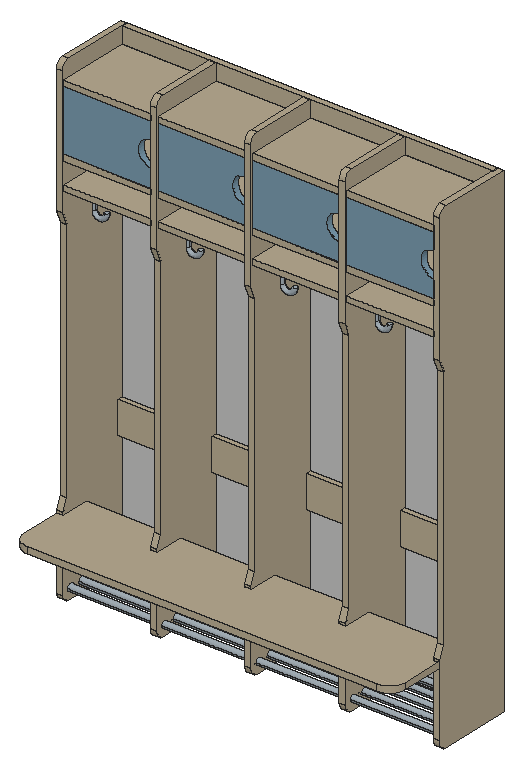
Revit family "Wall Hanged Childrens Coat rack N100 1200", category Casework, host Wall, Revit 2013
Parameters (values of type "Wall hanged childrens coat rack N100 1200")
  Youtube clip = ""
  Width = 1200 mm
  Weight Net (kg) = 0 mm
  Uniclass 2.0 Description = ""
  Uniclass 2.0 Code = ""
  Uniclass 1.4 Description = ""
  Uniclass 1.4 Code = ""
  URL = "http://vaneritarvike.bimobject.com/7503"
  UNSPC code = 56
  UNSPC Category = "Furniture and Furnishings"
  Technical description = ""
  Side Panels Material = koivu
  Rack Top Bottom Panels Material = koivu
  Product identifier = ""
  Product group = "Coat rack"
  Product family = "Kindergarten Furniture"
  Product data url = "http://www.vaneritarvike.fi/index.php?sivu=paivakotikalusteet&r_id=72&kieli=1"
  Product certification = ""
  Product SKU = "7503"
  Name of the object = "Wall hanged childrens coat rack N100 1200"
  NBS Reference Description = ""
  NBS Reference = ""
  Model = "Wall hanged childrens coat rack N100 1200"
  Middle Vertical Panels Material = koivu
  Manufacturer URL = "http://www.vaneritarvike.fi"
  Manufacturer = "Nokian Vaneritarvike Oy"
  Manufacture country = "Finland"
  Installation instructions = ""
  IFC Classification = "Furniture"
  Horizontal Supports Material = koivu
  Horizontal Panel Material = koivu
  Height = 1520 mm
  Edition number = "2"
  EAN code = ""
  Doors Material = F4168
  Design country = "Finland"
  Depth = 430 mm
  Date of publishing = "4/2/2013"
  COBIe Type Category = ""
  Bottom Panel Material = koivu
  Bars Material = F0231
  Back Panel Material = Valkoinen
  BIMobject QR code url = "http://vaneritarvike.bimobject.com/7503"
  BIMobject Category = "Furniture"
Reference planes
  plane 1 "Wall": y = 0
  plane 2 "Center (Left/Right)": x = 125
  plane 3 "Back": y = 75
  plane 4: x = -475
  plane 5: x = 725
  plane 6: y = -505
  plane 7: z = 1520
Text (mm)
  text "Placement Side" at (-1848.837, 1116.779, 0), in view "Ref. Level"
  text "Placement side" at (0, 1409.804, 2854.306), in view "Left"
  text "Placement side" at (0, 499.811, 2980.732), in view "Right"
Dimensions and locks
  locked: plane 3 "Back" to host wall
  "Width": plane 4 to plane 5
  equal spacing: plane 4, plane 2 "Center (Left/Right)", plane 5
  "Depth": plane 6 to host wall
  "Height": plane 7 to level
  aligned and locked: plane 1 "Wall" to host wall
  aligned and locked: plane 2 "Center (Left/Right)" to nested 1
  aligned and locked: host wall to nested 1
Nested families
  nested 1: "FU - 011 - FU - 011-142275" at (125, -75, 0), type "FU - 011 - FU - 011-142275"
Definition of nested family "FU - 011 - FU - 011-142275"
  Parameters (values of type "FU - 011 - FU - 011-142275")
    Width = 1200 mm
    URL = ""
    Model = ""
    Height = 1520 mm
    Depth = 430 mm
    Bars Material = F0231
    Doors Material = F4168
    Rack Top and Bottom Panels Material = koivu
    Bottom Panel Material = koivu
    Back Panel Material = Valkoinen
    Horizontal Panel Material = koivu
    Horizontal Supports Material = koivu
    Middle Vertical Panels Material = koivu
    Side Panels Material = koivu
  Reference planes
    plane 1 "Center (Front/Back)": y = 0
    plane 2: z = 0
    plane 3 "Center (Left/Right)": x = 0
    plane 4: z = 1520
    plane 5: x = -600
    plane 6: x = 600
    plane 7: y = -430
  Forms (mm)
    Extrusion 1, solid, material "koivu" <- "Rack Top and Bottom Panels Material"
      sketch origin (33.619, -208.178, 1191.999) x (1, 0, 0) y (0, 1, 0)
        loop
          line (-614.62, 189.178) -> (-614.62, -40.322) -> (-338.432, -40.322) -> (-338.432, 189.178) -> (-614.62, 189.178)
        loop
          line (-319.432, 189.178) -> (-319.432, -40.322) -> (-43.244, -40.322) -> (-43.244, 189.178) -> (-319.432, 189.178)
        loop
          line (-24.161, 189.178) -> (-24.161, -40.322) -> (252.027, -40.322) -> (252.027, 189.178) -> (-24.161, 189.178)
        loop
          line (271.13, 189.178) -> (271.13, -40.322) -> (547.38, -40.322) -> (547.38, 189.178) -> (271.13, 189.178)
      from 50 to 69.001
    Extrusion 2, solid, material "koivu" <- "Rack Top and Bottom Panels Material"
      sketch origin (24.797, -208.178, 1400.999) x (1, 0, 0) y (0, 1, 0)
        loop
          line (-605.797, 189.178) -> (-605.797, -40.322) -> (-329.61, -40.322) -> (-329.61, 189.178) -> (-605.797, 189.178)
        loop
          line (-310.61, 189.178) -> (-310.61, -40.322) -> (-34.422, -40.322) -> (-34.422, 189.178) -> (-310.61, 189.178)
        loop
          line (-15.339, 189.178) -> (-15.339, -40.322) -> (260.849, -40.322) -> (260.849, 189.178) -> (-15.339, 189.178)
        loop
          line (279.953, 189.178) -> (279.953, -40.322) -> (556.14, -40.322) -> (556.14, 189.178) -> (279.953, 189.178)
      from 50 to 69.001
    Extrusion 3, solid, material "koivu" <- "Side Panels Material"
      sketch origin (-300, -208.182, -100) x (0, 1, 0) y (0, 0, 1)
        loop
          line (208.182, 1620) -> (-16.398, 1620)
          arc (-16.398, 1620) -> (-34.376, 1612.553) -> (-41.822, 1594.575) r 25.425
          line (-41.822, 1594.575) -> (-41.822, 1195.011) -> (-26.822, 1157.011) -> (-26.822, 390.99) -> (-41.822, 354.99) -> (-41.822, 120.781)
          arc (-41.822, 120.781) -> (-33.355, 106.089) -> (-17.529, 100) r 25.4
          line (-17.529, 100) -> (208.182, 100) -> (208.182, 1620)
      from -300 to -281
    Extrusion 4, solid, material "koivu" <- "Middle Vertical Panels Material"
      sketch origin (-4.813, -208.182, -100) x (0, 1, 0) y (0, 0, 1)
        loop
          line (189.182, 1620) -> (-16.893, 1620)
          arc (-16.893, 1620) -> (-34.871, 1612.553) -> (-42.318, 1594.575) r 25.425
          line (-42.318, 1594.575) -> (-42.318, 1195) -> (-27.318, 1157) -> (-27.318, 391) -> (-42.318, 355) -> (-42.318, 125)
          arc (-42.318, 125) -> (-34.996, 107.322) -> (-17.318, 100) r 25
          line (-17.318, 100) -> (189.182, 100) -> (189.182, 1620)
      from -300 to -281
    Extrusion 5, solid, material "Valkoinen" <- "Back Panel Material"
      sketch origin (-300, -208.178, -100) x (1, 0, 0) y (0, 1, 0)
        loop
          line (-281, 208.178) -> (-281, 189.178) -> (881, 189.178) -> (881, 208.178) -> (-281, 208.178)
      from 100 to 1570
    Extrusion 6, solid, material "koivu" <- "Horizontal Panel Material"
      sketch origin (-275.203, -208.178, 1106) x (1, 0, 0) y (0, 1, 0)
        loop
          line (-305.797, 189.178) -> (-305.797, -40.322) -> (-29.61, -40.322) -> (-29.61, 189.178) -> (-305.797, 189.178)
        loop
          line (-10.61, 189.178) -> (-10.61, -40.322) -> (265.578, -40.322) -> (265.578, 189.178) -> (-10.61, 189.178)
        loop
          line (284.661, 189.178) -> (284.661, -40.322) -> (560.849, -40.322) -> (560.849, 189.178) -> (284.661, 189.178)
        loop
          line (579.953, 189.178) -> (579.953, -40.322) -> (856.203, -40.322) -> (856.203, 189.178) -> (579.953, 189.178)
      from 50 to 69.001
    Extrusion 7, solid, material "koivu" <- "Bottom Panel Material"
      sketch origin (-300, -208.178, -120) x (1, 0, 0) y (0, 1, 0)
        loop
          line (-281, 47.178) -> (-281, -41.827) -> (-297, -41.827) -> (-297, -171.822)
          arc (-297, -171.822) -> (-282.355, -207.178) -> (-247, -221.822) r 50
          line (-247, -221.822) -> (847, -221.822)
          arc (847, -221.822) -> (882.355, -207.178) -> (897, -171.822) r 50
          line (897, -171.822) -> (897, -42.369) -> (881, -42.369) -> (881, 47.178) -> (604.75, 47.178) -> (604.75, -42.322) -> (585.75, -42.322) -> (585.75, 47.178) -> (309.459, 47.178) -> (309.459, -42.322) -> (290.459, -42.322) -> (290.459, 47.178) -> (14.188, 47.178) -> (14.188, -42.322) -> (-4.813, -42.322) -> (-4.813, 47.178) -> (-281, 47.178)
      from 350 to 369
    Extrusion 8, solid, material "koivu" <- "Horizontal Supports Material"
      sketch origin (-300, -208.178, -120) x (0, 1, 0) y (0, 0, 1)
        loop
          line (189.178, 600) -> (170.178, 600) -> (170.178, 500) -> (189.178, 500) -> (189.178, 600)
        loop
          line (208.178, 1590) -> (208.178, 1640) -> (189.178, 1640) -> (189.178, 1590) -> (208.178, 1590)
      from -281 to 881
    Extrusion 9, solid, material "F0231" <- "Bars Material"
      sketch origin (-300, -208.178, -119.891) x (0, 1, 0) y (0, 0, 1)
        loop
          circle (164.178, 155.079) r 9.946
      from -281 to 881
    Extrusion 10, solid, material "F0231" <- "Bars Material"
      sketch origin (-300, -253.178, -119.891) x (0, 1, 0) y (0, 0, 1)
        loop
          circle (164.178, 155.079) r 9.946
      from -281 to 881
    Extrusion 11, solid, material "F0231" <- "Bars Material"
      sketch origin (-300, -298.178, -119.891) x (0, 1, 0) y (0, 0, 1)
        loop
          circle (164.178, 155.079) r 9.946
      from -281 to 881
    Extrusion 12, solid, material "F0231" <- "Bars Material"
      sketch origin (-300, -343.184, -119.891) x (0, 1, 0) y (0, 0, 1)
        loop
          circle (164.178, 155.079) r 9.946
      from -281 to 881
    Extrusion 13, solid, material "F0231" <- "Bars Material"
      sketch origin (-300, -388.184, -119.891) x (0, 1, 0) y (0, 0, 1)
        loop
          circle (164.178, 155.079) r 9.946
      from -281 to 881
    Sweep 14, solid, material "F0231" <- "Bars Material"
      path origin (-573, -129, 1200) x (1, 0, 0) y (0, 0, 1)
        loop
          line (-7.027, -84) -> (-7.027, -144)
          arc (-7.027, -144) -> (13.204, -164.232) -> (33.436, -144) r 20.232
      profile origin (-580.028, -129, 1086) x (0, -1, 0) y (1, 0, 0)
        loop
          circle (0, 0) r 7.027
    Sweep 15, solid, material "F0231" <- "Bars Material"
      path origin (-278.313, -129, 1200) x (1, 0, 0) y (0, 0, 1)
        loop
          line (-7.027, -84) -> (-7.027, -144)
          arc (-7.027, -144) -> (13.204, -164.232) -> (33.436, -144) r 20.232
      profile origin (-285.34, -129, 1086) x (0, -1, 0) y (1, 0, 0)
        loop
          circle (0, 0) r 7.027
    Sweep 16, solid, material "F0231" <- "Bars Material"
      path origin (-426.272, -132.288, 1260) x (0.866025, -0.5, 0) y (0, 0, 1)
        loop
          line (-7.027, -84) -> (-7.027, -144)
          arc (-7.027, -144) -> (13.204, -164.232) -> (33.436, -144) r 20.232
      profile origin (-432.358, -128.774, 1146) x (-0.5, -0.866025, 0) y (0.866025, -0.5, 0)
        loop
          circle (0, 0) r 7.027
    Sweep 17, solid, material "F0231" <- "Bars Material"
      path origin (-438.443, -132.288, 1260) x (-0.866025, -0.5, 0) y (0, 0, -1)
        loop
          line (-7.027, 84) -> (-7.027, 144)
          arc (-7.027, 144) -> (13.204, 164.232) -> (33.436, 144) r 20.232
      profile origin (-432.358, -128.774, 1146) x (0.5, -0.866025, 0) y (0.866025, 0.5, 0)
        loop
          circle (0, 0) r 7.027
    Sweep 18, solid, material "F0231" <- "Bars Material"
      path origin (-432.358, -121.816, 1260) x (0, 1, 0) y (0, 0, 1)
        loop
          line (-7.027, -84) -> (-7.027, -144)
          arc (-7.027, -144) -> (13.204, -164.232) -> (33.436, -144) r 20.232
      profile origin (-432.358, -128.843, 1146) x (1, 0, 0) y (0, 1, 0)
        loop
          circle (0, 0) r 7.027
    Sweep 19, solid, material "F0231" <- "Bars Material"
      path origin (-143.316, -132.444, 1260) x (-0.866025, -0.5, 0) y (0, 0, -1)
        loop
          line (-7.027, 84) -> (-7.027, 144)
          arc (-7.027, 144) -> (13.204, 164.232) -> (33.436, 144) r 20.232
      profile origin (-137.23, -128.931, 1146) x (0.5, -0.866025, 0) y (0.866025, 0.5, 0)
        loop
          circle (0, 0) r 7.027
    Sweep 20, solid, material "F0231" <- "Bars Material"
      path origin (-131.144, -132.444, 1260) x (0.866025, -0.5, 0) y (0, 0, 1)
        loop
          line (-7.027, -84) -> (-7.027, -144)
          arc (-7.027, -144) -> (13.204, -164.232) -> (33.436, -144) r 20.232
      profile origin (-137.23, -128.931, 1146) x (-0.5, -0.866025, 0) y (0.866025, -0.5, 0)
        loop
          circle (0, 0) r 7.027
    Sweep 21, solid, material "F0231" <- "Bars Material"
      path origin (-137.23, -121.972, 1260) x (0, 1, 0) y (0, 0, -1)
        loop
          line (-7.027, 84) -> (-7.027, 144)
          arc (-7.027, 144) -> (13.204, 164.232) -> (33.436, 144) r 20.232
      profile origin (-137.23, -129, 1146) x (-1, 0, 0) y (0, -1, 0)
        loop
          circle (0, 0) r 7.027
    Extrusion 22, solid, material "koivu" <- "Middle Vertical Panels Material"
      sketch origin (290.459, -208.182, -100) x (0, 1, 0) y (0, 0, 1)
        loop
          line (189.182, 1620) -> (-16.893, 1620)
          arc (-16.893, 1620) -> (-34.871, 1612.553) -> (-42.318, 1594.575) r 25.425
          line (-42.318, 1594.575) -> (-42.318, 1195) -> (-27.318, 1157) -> (-27.318, 391) -> (-42.318, 355) -> (-42.318, 125)
          arc (-42.318, 125) -> (-34.996, 107.322) -> (-17.318, 100) r 25
          line (-17.318, 100) -> (189.182, 100) -> (189.182, 1620)
      from -300 to -281
    Sweep 23, solid, material "F0231" <- "Bars Material"
      path origin (16.958, -129, 1200) x (1, 0, 0) y (0, 0, 1)
        loop
          line (-7.027, -84) -> (-7.027, -144)
          arc (-7.027, -144) -> (13.204, -164.232) -> (33.436, -144) r 20.232
      profile origin (9.931, -129, 1086) x (0, -1, 0) y (1, 0, 0)
        loop
          circle (0, 0) r 7.027
    Sweep 24, solid, material "F0231" <- "Bars Material"
      path origin (151.955, -132.444, 1260) x (-0.866025, -0.5, 0) y (0, 0, -1)
        loop
          line (-7.027, 84) -> (-7.027, 144)
          arc (-7.027, 144) -> (13.204, 164.232) -> (33.436, 144) r 20.232
      profile origin (158.041, -128.931, 1146) x (0.5, -0.866025, 0) y (0.866025, 0.5, 0)
        loop
          circle (0, 0) r 7.027
    Sweep 25, solid, material "F0231" <- "Bars Material"
      path origin (164.127, -132.444, 1260) x (0.866025, -0.5, 0) y (0, 0, 1)
        loop
          line (-7.027, -84) -> (-7.027, -144)
          arc (-7.027, -144) -> (13.204, -164.232) -> (33.436, -144) r 20.232
      profile origin (158.041, -128.931, 1146) x (-0.5, -0.866025, 0) y (0.866025, -0.5, 0)
        loop
          circle (0, 0) r 7.027
    Sweep 26, solid, material "F0231" <- "Bars Material"
      path origin (158.041, -121.972, 1260) x (0, 1, 0) y (0, 0, -1)
        loop
          line (-7.027, 84) -> (-7.027, 144)
          arc (-7.027, 144) -> (13.204, 164.232) -> (33.436, 144) r 20.232
      profile origin (158.041, -129, 1146) x (-1, 0, 0) y (0, -1, 0)
        loop
          circle (0, 0) r 7.027
    Extrusion 27, solid, material "koivu" <- "Side Panels Material"
      sketch origin (300, -208.182, -100) x (0, 1, 0) y (0, 0, -1)
        loop
          line (208.182, -1620) -> (208.182, -100) -> (-17.529, -100)
          arc (-17.529, -100) -> (-36.83, -109.206) -> (-41.822, -130) r 24.836
          line (-41.822, -130) -> (-41.822, -354.99) -> (-26.822, -390.99) -> (-26.822, -1157.011) -> (-41.822, -1195.011) -> (-41.822, -1594.575)
          arc (-41.822, -1594.575) -> (-34.376, -1612.553) -> (-16.398, -1620) r 25.425
          line (-16.398, -1620) -> (208.182, -1620)
      from -300 to -281
    Extrusion 28, solid, material "koivu" <- "Middle Vertical Panels Material"
      sketch origin (585.75, -208.182, -100) x (0, 1, 0) y (0, 0, 1)
        loop
          line (189.182, 1620) -> (-16.893, 1620)
          arc (-16.893, 1620) -> (-34.871, 1612.553) -> (-42.318, 1594.575) r 25.425
          line (-42.318, 1594.575) -> (-42.318, 1195) -> (-27.318, 1157) -> (-27.318, 391) -> (-42.318, 355) -> (-42.318, 125)
          arc (-42.318, 125) -> (-34.996, 107.322) -> (-17.318, 100) r 25
          line (-17.318, 100) -> (189.182, 100) -> (189.182, 1620)
      from -300 to -281
    Sweep 29, solid, material "F0231" <- "Bars Material"
      path origin (312.25, -129, 1200) x (1, 0, 0) y (0, 0, 1)
        loop
          line (-7.027, -84) -> (-7.027, -144)
          arc (-7.027, -144) -> (13.204, -164.232) -> (33.436, -144) r 20.232
      profile origin (305.222, -129, 1086) x (0, -1, 0) y (1, 0, 0)
        loop
          circle (0, 0) r 7.027
    Sweep 30, solid, material "F0231" <- "Bars Material"
      path origin (447.246, -132.444, 1260) x (-0.866025, -0.5, 0) y (0, 0, -1)
        loop
          line (-7.027, 84) -> (-7.027, 144)
          arc (-7.027, 144) -> (13.204, 164.232) -> (33.436, 144) r 20.232
      profile origin (453.332, -128.931, 1146) x (0.5, -0.866025, 0) y (0.866025, 0.5, 0)
        loop
          circle (0, 0) r 7.027
    Sweep 31, solid, material "F0231" <- "Bars Material"
      path origin (459.418, -132.444, 1260) x (0.866025, -0.5, 0) y (0, 0, 1)
        loop
          line (-7.027, -84) -> (-7.027, -144)
          arc (-7.027, -144) -> (13.204, -164.232) -> (33.436, -144) r 20.232
      profile origin (453.332, -128.931, 1146) x (-0.5, -0.866025, 0) y (0.866025, -0.5, 0)
        loop
          circle (0, 0) r 7.027
    Sweep 32, solid, material "F0231" <- "Bars Material"
      path origin (453.332, -121.972, 1260) x (0, 1, 0) y (0, 0, -1)
        loop
          line (-7.027, 84) -> (-7.027, 144)
          arc (-7.027, 144) -> (13.204, 164.232) -> (33.436, 144) r 20.232
      profile origin (453.332, -129, 1146) x (-1, 0, 0) y (0, -1, 0)
        loop
          circle (0, 0) r 7.027
    Extrusion 33, solid, material "F4168" <- "Doors Material"
      sketch origin (-301.041, -208.178, 0) x (1, 0, 0) y (0, 0, 1)
        loop
          line (-280, 1450.999) -> (-280, 1261) -> (-3.75, 1261) -> (-3.75, 1318.5)
          arc (-3.75, 1318.5) -> (-43.75, 1358.5) -> (-3.75, 1398.5) r 40
          line (-3.75, 1398.5) -> (-3.75, 1450.999) -> (-280, 1450.999)
      from 20.822 to 39.822
    Extrusion 34, solid, material "F4168" <- "Doors Material"
      sketch origin (-5.791, -208.178, 0) x (1, 0, 0) y (0, 0, 1)
        loop
          line (-280, 1450.999) -> (-280, 1261) -> (-3.75, 1261) -> (-3.75, 1318.5)
          arc (-3.75, 1318.5) -> (-43.75, 1358.5) -> (-3.75, 1398.5) r 40
          line (-3.75, 1398.5) -> (-3.75, 1450.999) -> (-280, 1450.999)
      from 20.822 to 39.822
    Extrusion 35, solid, material "F4168" <- "Doors Material"
      sketch origin (289.459, -208.178, 0) x (1, 0, 0) y (0, 0, 1)
        loop
          line (-280, 1450.999) -> (-280, 1261) -> (-3.75, 1261) -> (-3.75, 1318.5)
          arc (-3.75, 1318.5) -> (-43.75, 1358.5) -> (-3.75, 1398.5) r 40
          line (-3.75, 1398.5) -> (-3.75, 1450.999) -> (-280, 1450.999)
      from 20.822 to 39.822
    Extrusion 36, solid, material "F4168" <- "Doors Material"
      sketch origin (584.709, -208.178, 0) x (1, 0, 0) y (0, 0, 1)
        loop
          line (-280, 1450.999) -> (-280, 1261) -> (-3.75, 1261) -> (-3.75, 1318.5)
          arc (-3.75, 1318.5) -> (-43.75, 1358.5) -> (-3.75, 1398.5) r 40
          line (-3.75, 1398.5) -> (-3.75, 1450.999) -> (-280, 1450.999)
      from 20.822 to 39.822
  Lines and regions (mm)
    Masking region 1
      outline origin (-141.177, -208.178, 0) x (1, 0, 0) y (0, 1, 0)
        loop
          line (-458.823, 208.178) -> (-458.823, -41.827) -> (-455.822, -41.827) -> (-455.822, -171.822)
          arc (-455.822, -171.822) -> (-441.178, -207.178) -> (-405.822, -221.822) r 50
          line (-405.822, -221.822) -> (688.177, -221.822)
          arc (688.177, -221.822) -> (723.533, -207.178) -> (738.177, -171.822) r 50
          line (738.177, -171.822) -> (738.177, -41.827) -> (741.177, -41.827) -> (741.177, 208.178) -> (-458.823, 208.178)
    symbolic lines, detail levels medium+fine
      curve 1: line (-581, -250.004, 0) -> (-581, -19, 0)
      curve 2: line (-600, -250.004, 0) -> (-581, -250.004, 0)
      curve 3: line (-581, -19, 0) -> (581, -19, 0)
      curve 13: line (581, -19, 0) -> (581, -250.004, 0)
      curve 14: line (581, -250.004, 0) -> (600, -250.004, 0)
    symbolic lines, detail levels fine
      curve 4: line (-304.813, -19, 0) -> (-304.813, -250.004, 0)
      curve 5: line (-285.813, -250.004, 0) -> (-285.813, -19, 0)
      curve 6: line (-304.813, -250.004, 0) -> (-285.813, -250.004, 0)
      curve 7: line (-9.541, -19, 0) -> (-9.541, -250.004, 0)
      curve 8: line (9.459, -250.004, 0) -> (9.459, -19, 0)
      curve 9: line (-9.541, -250.004, 0) -> (9.459, -250.004, 0)
      curve 10: line (285.75, -19, 0) -> (285.75, -250.004, 0)
      curve 11: line (304.75, -250.004, 0) -> (304.75, -19, 0)
      curve 12: line (285.75, -250.004, 0) -> (304.75, -250.004, 0)
      curve 15: line (-581, -248, 0) -> (-304.813, -248, 0)
      curve 16: line (304.75, -248.5, 0) -> (581, -248.5, 0)
      curve 17: line (9.459, -248.5, 0) -> (285.75, -248.5, 0)
      curve 18: line (-285.813, -248.5, 0) -> (-9.541, -248.5, 0)
  Dimensions and locks
    "Height": plane 4 to plane 2
    "Width": plane 5 to plane 6
    equal spacing: plane 5, plane 3 "Center (Left/Right)", plane 6
    "Depth": plane 7 to plane 1 "Center (Front/Back)"
    aligned and locked: level to plane 2
  Automatic sketch dimensions
    plane 1 "Center (Front/Back)" to curve 1 = 19 mm
    curve 1 to plane 3 "Center (Left/Right)" = 581 mm
    plane 1 "Center (Front/Back)" to curve 1 = 250.004 mm
    curve 1 to curve 4 = 276.187 mm
    curve 4 to curve 6 = 19 mm
    curve 7 to plane 3 "Center (Left/Right)" = 9.541 mm
    plane 3 "Center (Left/Right)" to curve 8 = 9.459 mm
    curve 8 to curve 10 = 276.291 mm
    curve 10 to curve 12 = 19 mm
    curve 11 to curve 13 = 276.25 mm
    curve 2 to curve 1 = 19 mm
    curve 15 to curve 1 = 0 mm
    curve 13 to curve 14 = 19 mm
    curve 14 to curve 3 = 231.004 mm
    curve 12 to curve 11 = 231.004 mm
    curve 4 to curve 4 = 231.004 mm
    curve 9 to curve 8 = 231.004 mm
    curve 5 to curve 18 = 1.504 mm
    curve 10 to curve 17 = 1.504 mm
    curve 13 to curve 16 = 1.504 mm
    curve 4 to curve 15 = 2.004 mm
    plane 1 "Center (Front/Back)" to Masking region 1 sketch curve = 0 mm
    Masking region 1 sketch curve to plane 3 "Center (Left/Right)" = 600 mm
    plane 1 "Center (Front/Back)" to Masking region 1 sketch curve = 430 mm
    Masking region 1 sketch curve to Masking region 1 sketch curve = 3 mm  (x2)
    Masking region 1 sketch curve to Masking region 1 sketch curve = 50 mm  (x2)
    plane 3 "Center (Left/Right)" to Masking region 1 sketch curve = 547 mm
    Masking region 1 sketch curve to Masking region 1 sketch curve = 129.996 mm  (x2)
    Extrusion 3 sketch curve to level = 0 mm
    Extrusion 3 sketch curve to plane 4 = 0 mm
    Extrusion 3 sketch curve to plane 1 "Center (Front/Back)" = 0 mm
    level to Extrusion 3 sketch curve = 20.781 mm
    plane 1 "Center (Front/Back)" to Extrusion 3 sketch curve = 224.58 mm
    Extrusion 3 sketch curve to Extrusion 3 sketch curve = 225.711 mm
    plane 1 "Center (Front/Back)" to Extrusion 3 sketch curve = 235.004 mm
    Extrusion 3 sketch curve to Extrusion 3 sketch curve = 24.294 mm
    Extrusion 3 sketch curve to Extrusion 3 sketch curve = 25.425 mm
    level to Extrusion 3 sketch curve = 25.391 mm
    Extrusion 3 sketch curve to Extrusion 3 sketch curve = 229.599 mm
    Extrusion 3 sketch curve to Extrusion 3 sketch curve = 36 mm
    Extrusion 3 sketch curve to Extrusion 3 sketch curve = 437.565 mm
    Extrusion 3 sketch curve to Extrusion 3 sketch curve = 38 mm
    Extrusion 4 sketch curve to level = 0 mm
    Extrusion 4 sketch curve to plane 4 = 0 mm
    level to Extrusion 4 sketch curve = 25 mm
    plane 1 "Center (Front/Back)" to Extrusion 4 sketch curve = 250.5 mm  (x2)
    level to Extrusion 4 sketch curve = 255 mm
    Extrusion 4 sketch curve to Extrusion 4 sketch curve = 15 mm
    Extrusion 4 sketch curve to Extrusion 4 sketch curve = 25.425 mm
    plane 1 "Center (Front/Back)" to Extrusion 4 sketch curve = 19 mm
    Extrusion 4 sketch curve to Extrusion 4 sketch curve = 36 mm
    Extrusion 4 sketch curve to Extrusion 4 sketch curve = 437.575 mm
    Extrusion 4 sketch curve to Extrusion 4 sketch curve = 38 mm
    plane 1 "Center (Front/Back)" to Extrusion 5 sketch curve = 0 mm
    plane 1 "Center (Front/Back)" to Extrusion 5 sketch curve = 19 mm
    Extrusion 5 sketch curve to plane 3 "Center (Left/Right)" = 581 mm
    plane 3 "Center (Left/Right)" to Extrusion 5 sketch curve = 581 mm
    Extrusion 8 sketch curve to plane 4 = 0 mm
    Extrusion 8 sketch curve to plane 1 "Center (Front/Back)" = 0 mm
    plane 1 "Center (Front/Back)" to Extrusion 8 sketch curve = 19 mm  (x2)
    level to Extrusion 8 sketch curve = 380 mm
    Extrusion 8 sketch curve to Extrusion 8 sketch curve = 19 mm
    Extrusion 8 sketch curve to Extrusion 8 sketch curve = 100 mm
    Extrusion 8 sketch curve to Extrusion 8 sketch curve = 50 mm
    plane 1 "Center (Front/Back)" to Extrusion 9 sketch curve = 44 mm
    level to Extrusion 9 sketch curve = 35.187 mm
    level to Extrusion 10 sketch curve = 35.187 mm
    plane 1 "Center (Front/Back)" to Extrusion 10 sketch curve = 89 mm
    level to Extrusion 11 sketch curve = 35.187 mm
    plane 1 "Center (Front/Back)" to Extrusion 11 sketch curve = 134 mm
    level to Extrusion 12 sketch curve = 35.187 mm
    plane 1 "Center (Front/Back)" to Extrusion 12 sketch curve = 179.007 mm
    level to Extrusion 13 sketch curve = 35.187 mm
    plane 1 "Center (Front/Back)" to Extrusion 13 sketch curve = 224.007 mm
    Sweep 14 sketch curve to plane 3 "Center (Left/Right)" = 580.028 mm
    Sweep 14 sketch curve to plane 4 = 464 mm
    Sweep 14 sketch curve to Sweep 14 sketch curve = 20.232 mm
    Sweep 14 sketch curve to Sweep 14 sketch curve = 60 mm
    Sweep 14 sketch curve to profile plane = 0 mm
    profile plane to Sweep 14 sketch curve = 0 mm
    Sweep 15 sketch curve to plane 3 "Center (Left/Right)" = 285.34 mm
    Sweep 15 sketch curve to plane 4 = 464 mm
    Sweep 15 sketch curve to Sweep 15 sketch curve = 20.232 mm
    Sweep 15 sketch curve to Sweep 15 sketch curve = 60 mm
    Sweep 15 sketch curve to profile plane = 0 mm
    profile plane to Sweep 15 sketch curve = 0 mm
    Sweep 16 sketch curve to plane 4 = 404 mm
    Sweep 16 sketch curve to Sweep 16 sketch curve = 20.232 mm
    Sweep 16 sketch curve to Sweep 16 sketch curve = 60 mm
    Sweep 16 sketch curve to profile plane = 0 mm
    profile plane to Sweep 16 sketch curve = 0 mm
    Sweep 17 sketch curve to plane 4 = 404 mm
    Sweep 17 sketch curve to Sweep 17 sketch curve = 20.232 mm
    Sweep 17 sketch curve to Sweep 17 sketch curve = 60 mm
    profile plane to Sweep 17 sketch curve = 0 mm  (x2)
    plane 1 "Center (Front/Back)" to Sweep 18 sketch curve = 128.843 mm
    Sweep 18 sketch curve to plane 4 = 404 mm
    Sweep 18 sketch curve to Sweep 18 sketch curve = 20.232 mm
    Sweep 18 sketch curve to Sweep 18 sketch curve = 60 mm
    profile plane to Sweep 18 sketch curve = 0 mm
    Sweep 18 sketch curve to profile plane = 0 mm
    Sweep 19 sketch curve to plane 4 = 404 mm
    Sweep 19 sketch curve to Sweep 19 sketch curve = 20.232 mm
    Sweep 19 sketch curve to Sweep 19 sketch curve = 60 mm
    profile plane to Sweep 19 sketch curve = 0 mm  (x2)
    Sweep 20 sketch curve to plane 4 = 404 mm
    Sweep 20 sketch curve to Sweep 20 sketch curve = 20.232 mm
    Sweep 20 sketch curve to Sweep 20 sketch curve = 60 mm
    Sweep 20 sketch curve to profile plane = 0 mm
    profile plane to Sweep 20 sketch curve = 0 mm
    plane 1 "Center (Front/Back)" to Sweep 21 sketch curve = 129 mm
    Sweep 21 sketch curve to plane 4 = 404 mm
    Sweep 21 sketch curve to Sweep 21 sketch curve = 20.232 mm
    Sweep 21 sketch curve to Sweep 21 sketch curve = 60 mm
    Sweep 21 sketch curve to profile plane = 0 mm  (x2)
    Extrusion 22 sketch curve to level = 0 mm
    Extrusion 22 sketch curve to plane 4 = 0 mm
    level to Extrusion 22 sketch curve = 25 mm
    plane 1 "Center (Front/Back)" to Extrusion 22 sketch curve = 250.5 mm  (x2)
    level to Extrusion 22 sketch curve = 255 mm
    Extrusion 22 sketch curve to Extrusion 22 sketch curve = 15 mm
    Extrusion 22 sketch curve to Extrusion 22 sketch curve = 25.425 mm
    plane 1 "Center (Front/Back)" to Extrusion 22 sketch curve = 19 mm
    Extrusion 22 sketch curve to Extrusion 22 sketch curve = 36 mm
    Extrusion 22 sketch curve to Extrusion 22 sketch curve = 437.575 mm
    Extrusion 22 sketch curve to Extrusion 22 sketch curve = 38 mm
    plane 3 "Center (Left/Right)" to Sweep 23 sketch curve = 9.931 mm
    Sweep 23 sketch curve to plane 4 = 464 mm
    Sweep 23 sketch curve to Sweep 23 sketch curve = 20.232 mm
    Sweep 23 sketch curve to Sweep 23 sketch curve = 60 mm
    Sweep 23 sketch curve to profile plane = 0 mm
    profile plane to Sweep 23 sketch curve = 0 mm
    Sweep 24 sketch curve to plane 4 = 404 mm
    Sweep 24 sketch curve to Sweep 24 sketch curve = 20.232 mm
    Sweep 24 sketch curve to Sweep 24 sketch curve = 60 mm
    profile plane to Sweep 24 sketch curve = 0 mm  (x2)
    Sweep 25 sketch curve to plane 4 = 404 mm
    Sweep 25 sketch curve to Sweep 25 sketch curve = 20.232 mm
    Sweep 25 sketch curve to Sweep 25 sketch curve = 60 mm
    Sweep 25 sketch curve to profile plane = 0 mm
    profile plane to Sweep 25 sketch curve = 0 mm
    plane 1 "Center (Front/Back)" to Sweep 26 sketch curve = 129 mm
    Sweep 26 sketch curve to plane 4 = 404 mm
    Sweep 26 sketch curve to Sweep 26 sketch curve = 20.232 mm
    Sweep 26 sketch curve to Sweep 26 sketch curve = 60 mm
    Sweep 26 sketch curve to profile plane = 0 mm  (x2)
    Extrusion 27 sketch curve to level = 0 mm
    Extrusion 27 sketch curve to plane 4 = 0 mm
    Extrusion 27 sketch curve to plane 1 "Center (Front/Back)" = 0 mm
    Extrusion 27 sketch curve to plane 4 = 25.425 mm
    plane 1 "Center (Front/Back)" to Extrusion 27 sketch curve = 224.58 mm
    Extrusion 27 sketch curve to Extrusion 27 sketch curve = 225.711 mm
    Extrusion 27 sketch curve to Extrusion 27 sketch curve = 15 mm
    Extrusion 27 sketch curve to Extrusion 27 sketch curve = 24.294 mm
    Extrusion 27 sketch curve to Extrusion 27 sketch curve = 399.565 mm
    Extrusion 27 sketch curve to Extrusion 27 sketch curve = 38 mm
    level to Extrusion 27 sketch curve = 290.99 mm
    Extrusion 27 sketch curve to Extrusion 27 sketch curve = 36 mm
    level to Extrusion 27 sketch curve = 30 mm
    Extrusion 28 sketch curve to level = 0 mm
    Extrusion 28 sketch curve to plane 4 = 0 mm
    level to Extrusion 28 sketch curve = 25 mm
    plane 1 "Center (Front/Back)" to Extrusion 28 sketch curve = 250.5 mm  (x2)
    level to Extrusion 28 sketch curve = 255 mm
    Extrusion 28 sketch curve to Extrusion 28 sketch curve = 15 mm
    Extrusion 28 sketch curve to Extrusion 28 sketch curve = 25.425 mm
    plane 1 "Center (Front/Back)" to Extrusion 28 sketch curve = 19 mm
    Extrusion 28 sketch curve to Extrusion 28 sketch curve = 36 mm
    Extrusion 28 sketch curve to Extrusion 28 sketch curve = 437.575 mm
    Extrusion 28 sketch curve to Extrusion 28 sketch curve = 38 mm
    plane 3 "Center (Left/Right)" to Sweep 29 sketch curve = 305.222 mm
    Sweep 29 sketch curve to plane 4 = 464 mm
    Sweep 29 sketch curve to Sweep 29 sketch curve = 20.232 mm
    Sweep 29 sketch curve to Sweep 29 sketch curve = 60 mm
    Sweep 29 sketch curve to profile plane = 0 mm
    profile plane to Sweep 29 sketch curve = 0 mm
    Sweep 30 sketch curve to plane 4 = 404 mm
    Sweep 30 sketch curve to Sweep 30 sketch curve = 20.232 mm
    Sweep 30 sketch curve to Sweep 30 sketch curve = 60 mm
    profile plane to Sweep 30 sketch curve = 0 mm  (x2)
    Sweep 31 sketch curve to plane 4 = 404 mm
    Sweep 31 sketch curve to Sweep 31 sketch curve = 20.232 mm
    Sweep 31 sketch curve to Sweep 31 sketch curve = 60 mm
    Sweep 31 sketch curve to profile plane = 0 mm
    profile plane to Sweep 31 sketch curve = 0 mm
    plane 1 "Center (Front/Back)" to Sweep 32 sketch curve = 129 mm
    Sweep 32 sketch curve to plane 4 = 404 mm
    Sweep 32 sketch curve to Sweep 32 sketch curve = 20.232 mm
    Sweep 32 sketch curve to Sweep 32 sketch curve = 60 mm
    Sweep 32 sketch curve to profile plane = 0 mm  (x2)
    Extrusion 33 sketch curve to plane 4 = 259 mm
    Extrusion 33 sketch curve to plane 3 "Center (Left/Right)" = 581.041 mm
    Extrusion 33 sketch curve to plane 4 = 201.5 mm
    Extrusion 33 sketch curve to Extrusion 33 sketch curve = 276.25 mm
    Extrusion 33 sketch curve to Extrusion 33 sketch curve = 80 mm
    Extrusion 33 sketch curve to Extrusion 33 sketch curve = 52.499 mm
    Extrusion 34 sketch curve to plane 3 "Center (Left/Right)" = 285.791 mm
    Extrusion 34 sketch curve to plane 3 "Center (Left/Right)" = 9.541 mm
    Extrusion 34 sketch curve to plane 4 = 259 mm
    Extrusion 34 sketch curve to Extrusion 34 sketch curve = 57.5 mm
    Extrusion 34 sketch curve to Extrusion 34 sketch curve = 80 mm
    Extrusion 34 sketch curve to Extrusion 34 sketch curve = 52.499 mm
    plane 3 "Center (Left/Right)" to Extrusion 35 sketch curve = 9.459 mm
    Extrusion 35 sketch curve to plane 4 = 259 mm
    Extrusion 35 sketch curve to Extrusion 35 sketch curve = 276.25 mm
    Extrusion 35 sketch curve to Extrusion 35 sketch curve = 57.5 mm
    Extrusion 35 sketch curve to Extrusion 35 sketch curve = 80 mm
    Extrusion 35 sketch curve to Extrusion 35 sketch curve = 52.499 mm
    plane 3 "Center (Left/Right)" to Extrusion 36 sketch curve = 304.709 mm
    Extrusion 36 sketch curve to plane 4 = 259 mm
    Extrusion 36 sketch curve to Extrusion 36 sketch curve = 276.25 mm
    Extrusion 36 sketch curve to Extrusion 36 sketch curve = 57.5 mm
    Extrusion 36 sketch curve to Extrusion 36 sketch curve = 80 mm
    Extrusion 36 sketch curve to Extrusion 36 sketch curve = 52.499 mm
    plane 5 to Extrusion 2 sketch curve = 19 mm
    plane 6 to Extrusion 2 sketch curve = 19.063 mm
    plane 7 to Extrusion 2 sketch curve = 181.5 mm  (x2)
    Extrusion 2 sketch curve to Extrusion 2 sketch curve = 276.187 mm  (x2)
    Extrusion 2 sketch curve to Extrusion 2 sketch curve = 19 mm
    Extrusion 2 sketch curve to plane 3 "Center (Left/Right)" = 9.625 mm
    plane 3 "Center (Left/Right)" to Extrusion 2 sketch curve = 9.459 mm
    plane 1 "Center (Front/Back)" to Extrusion 2 sketch curve = 19 mm  (x4)
    Extrusion 2 sketch curve to Extrusion 2 sketch curve = 19.104 mm
    Extrusion 2 sketch curve to Extrusion 2 sketch curve = 0 mm  (x2)
    plane 5 to Extrusion 1 sketch curve = 19 mm
    plane 6 to Extrusion 1 sketch curve = 19 mm
    plane 7 to Extrusion 1 sketch curve = 181.5 mm  (x2)
    Extrusion 1 sketch curve to Extrusion 1 sketch curve = 276.188 mm  (x2)
    Extrusion 1 sketch curve to Extrusion 1 sketch curve = 19 mm
    Extrusion 1 sketch curve to plane 3 "Center (Left/Right)" = 9.625 mm
    plane 3 "Center (Left/Right)" to Extrusion 1 sketch curve = 9.458 mm
    plane 1 "Center (Front/Back)" to Extrusion 1 sketch curve = 19 mm  (x3)
    Extrusion 1 sketch curve to Extrusion 1 sketch curve = 19.103 mm
    Extrusion 1 sketch curve to Extrusion 1 sketch curve = 0 mm  (x3)
    plane 5 to Extrusion 6 sketch curve = 19 mm
    plane 6 to Extrusion 6 sketch curve = 19 mm
    plane 7 to Extrusion 6 sketch curve = 181.5 mm  (x2)
    Extrusion 6 sketch curve to Extrusion 6 sketch curve = 276.187 mm  (x2)
    Extrusion 6 sketch curve to Extrusion 6 sketch curve = 19 mm
    Extrusion 6 sketch curve to plane 3 "Center (Left/Right)" = 9.625 mm
    plane 3 "Center (Left/Right)" to Extrusion 6 sketch curve = 9.459 mm
    plane 1 "Center (Front/Back)" to Extrusion 6 sketch curve = 19 mm  (x4)
    Extrusion 6 sketch curve to Extrusion 6 sketch curve = 19.104 mm
    Extrusion 6 sketch curve to Extrusion 6 sketch curve = 0 mm  (x2)
    Extrusion 7 sketch curve to plane 7 = 0 mm
    plane 5 to Extrusion 7 sketch curve = 3 mm
    plane 7 to Extrusion 7 sketch curve = 50 mm
    plane 1 "Center (Front/Back)" to Extrusion 7 sketch curve = 161 mm
    plane 5 to Extrusion 7 sketch curve = 19 mm
    Extrusion 7 sketch curve to Extrusion 7 sketch curve = 276.187 mm
    Extrusion 7 sketch curve to Extrusion 7 sketch curve = 19 mm  (x2)
    Extrusion 7 sketch curve to plane 3 "Center (Left/Right)" = 9.541 mm
    plane 3 "Center (Left/Right)" to Extrusion 7 sketch curve = 9.459 mm
    Extrusion 7 sketch curve to Extrusion 7 sketch curve = 276.291 mm
    plane 6 to Extrusion 7 sketch curve = 53 mm
    plane 6 to Extrusion 7 sketch curve = 19 mm
    plane 6 to Extrusion 7 sketch curve = 3 mm
    plane 7 to Extrusion 7 sketch curve = 179.5 mm  (x2)
    Extrusion 7 sketch curve to Extrusion 7 sketch curve = 129.996 mm
    Extrusion 7 sketch curve to Extrusion 7 sketch curve = 89.5 mm  (x2)
    Extrusion 7 sketch curve to Extrusion 7 sketch curve = 0 mm  (x2)
    plane 7 to Extrusion 7 sketch curve = 179.453 mm
    radius of Extrusion 9 sketch curve = 9.946 mm
    radius of Extrusion 10 sketch curve = 9.946 mm
    radius of Extrusion 11 sketch curve = 9.946 mm
    radius of Extrusion 12 sketch curve = 9.946 mm
    radius of Extrusion 13 sketch curve = 9.946 mm
    radius of Sweep 14 sketch curve = 7.027 mm
    radius of Sweep 15 sketch curve = 7.027 mm
    radius of Sweep 16 sketch curve = 7.027 mm
    radius of Sweep 17 sketch curve = 7.027 mm
    radius of Sweep 18 sketch curve = 7.027 mm
    radius of Sweep 19 sketch curve = 7.027 mm
    radius of Sweep 20 sketch curve = 7.027 mm
    radius of Sweep 21 sketch curve = 7.027 mm
    radius of Sweep 23 sketch curve = 7.027 mm
    radius of Sweep 24 sketch curve = 7.027 mm
    radius of Sweep 25 sketch curve = 7.027 mm
    radius of Sweep 26 sketch curve = 7.027 mm
    radius of Sweep 29 sketch curve = 7.027 mm
    radius of Sweep 30 sketch curve = 7.027 mm
    radius of Sweep 31 sketch curve = 7.027 mm
    radius of Sweep 32 sketch curve = 7.027 mm
